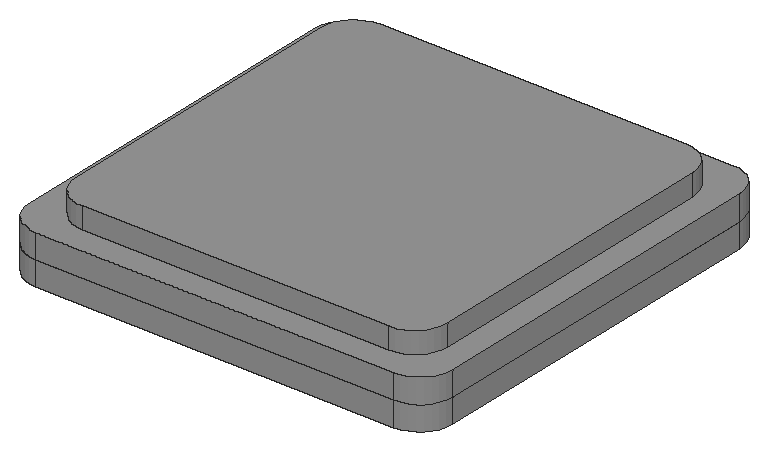
Revit family "FMS2_63_UN_Surface-mounted_ETK", category Lighting Fixtures, Revit 2019 (continued)
Definition of nested family "FMS.2 - Lightsource"
  Types (14, lengths in mm): name | Wattage Comments | Wattage | built-in parameter 1150134 | Photometric Web File | built-in parameter 1150142 | built-in parameter 1150105 | Lumens | built-in parameter 1150107 | built-in parameter 1150106 | Apparent Load
      7.5245\t150.5698\t143.7296\t137.0039\r\n130.3641\t123.8674\t117.4851\t111.2459\t104.9782\t98.7962\t92.7288\t86.7472\t80.8515\t75.013\r\n69.8042\t64.8243\t59.9017\t55.0363\t50.2281\t42.5579\t24.9223\t7.2037\t0\t0\r\n0\r\n985.1004\t984.2418\t983.3832\t982.8108\t982.2384\t981.3798\t980.5212\t979.9488\t979.3764\t978.5178\r\n977.373\t976.2282\t974.7972\t973.3662\t972.5076\t971.3628\t969.6456\t967.9284\t965.925\t963.9216\r\n962.7768\t961.3458\t959.3424\t956.7666\t954.477\t952.1874\t950.184\t947.8944\t945.6048\t943.3152\r\n940.7394\t937.8774\t935.3016\t932.1534\t929.2914\t926.4294\t923.2812\t920.133\t916.9848\t913.8366\r\n910.116\t906.9678\t903.5334\t900.3852\t896.6646\t893.2302\t889.5096\t885.789\t882.0684\t878.3478\r\n874.6272\t870.6204\t866.6136\t862.0344\t857.7414\t852.876\t848.0106\t843.4314\t838.566\t833.1282\r\n827.6904\t822.2526\t816.8148\t811.6632\t806.7978\t801.6462\t796.4946\t791.0568\t785.3328\t779.3226\r\n773.5986\t768.1608\t762.723\t757.2852\t751.5612\t745.8372\t739.827\t734.103\t728.0928\t722.0826\r\n716.0724\t710.0622\t704.052\t697.7556\t691.7454\t685.449\t679.4388\t673.1424\t666.5598\t660.2634\r\n653.967\t647.6706\t641.3742\t635.0778\t628.4952\t621.3402\t613.899\t606.4578\t599.3028\t592.1478\r\n584.9928\t577.8378\t570.3966\t562.9554\t555.5142\t548.073\t540.6318\t533.4768\t526.0356\t518.5944\r\n511.1532\t503.712\t496.2708\t489.1158\t481.6746\t474.2334\t466.7922\t459.351\t451.9098\t444.1824\r\n436.1688\t428.4414\t420.4278\t412.128\t404.1144\t396.387\t388.6596\t380.646\t372.6324\t364.905\r\n357.1776\t349.4502\t342.009\t333.9954\t326.5542\t318.8268\t310.8132\t302.5134\t294.4998\t286.2\r\n278.3581\t270.2873\t262.2737\t254.2887\t246.4754\t238.7194\t231.0779\t223.3791\t215.7376\t208.0102\r\n200.4831\t193.0705\t185.7438\t178.5029\t171.3479\t164.2502\t157.2669\t150.3695\t143.5579\t136.775\r\n130.0779\t123.4381\t116.8841\t110.416\t104.0051\t97.6801\t91.5554\t86.089\t80.6512\t75.2706\r\n69.9473\t64.6526\t59.4151\t54.1777\t39.7818\t24.3327\t8.8636\t0\t0\t0\r\n0\r\n985.1004\t984.2418\t983.3832\t982.5246\t981.9522\t981.3798\t980.235\t979.3764\t978.804\t977.9454\r\n976.8006\t975.6558\t974.2248\t972.7938\t971.649\t970.5042\t969.0732\t967.356\t965.6388\t963.6354\r\n961.9182\t960.4872\t959.0562\t956.7666\t954.1908\t951.9012\t949.8978\t947.6082\t945.3186\t943.029\r\n940.7394\t938.4498\t935.5878\t933.012\t929.8638\t927.0018\t923.8536\t920.9916\t917.8434\t914.6952\r\n911.547\t908.1126\t904.9644\t901.53\t898.3818\t895.2336\t891.2268\t886.9338\t882.3546\t878.0616\r\n873.7686\t869.4756\t864.8964\t860.3172\t855.738\t850.5864\t845.721\t840.8556\t835.9902\t831.1248\r\n826.2594\t821.1078\t815.9562\t810.8046\t805.3668\t800.2152\t795.0636\t790.1982\t785.0466\t779.895\r\n774.4572\t768.7332\t763.0092\t757.5714\t752.1336\t746.6958\t741.258\t735.534\t730.0962\t724.6584\r\n718.9344\t713.2104\t706.6278\t699.759\t693.1764\t686.5938\t679.725\t673.1424\t666.2736\t659.4048\r\n652.536\t645.6672\t638.5122\t631.6434\t624.7746\t617.9058\t611.037\t604.1682\t597.2994\t590.4306\r\n583.5618\t576.4068\t569.2518\t562.0968\t555.228\t548.073\t540.918\t534.0492\t526.8942\t519.1668\r\n511.4394\t503.712\t495.9846\t488.2572\t480.816\t473.0886\t465.3612\t457.6338\t450.1926\t442.7514\r\n435.024\t427.5828\t420.1416\t412.4142\t404.6868\t397.2456\t389.8044\t382.077\t373.7772\t365.7636\r\n357.4638\t349.164\t340.8642\t332.8506\t324.837\t316.8234\t308.8098\t300.7962\t293.0688\t285.1124\r\n277.2706\t269.4287\t261.3865\t253.5446\t245.7886\t238.0898\t230.4196\t222.8067\t215.251\t207.7812\r\n200.3686\t193.0705\t185.7724\t178.5316\t171.2621\t164.0785\t156.9521\t149.9116\t142.8997\t135.945\r\n129.1048\t122.2933\t115.5676\t109.2998\t103.4899\t97.7373\t92.0133\t86.3465\t80.6798\t75.0989\r\n69.518\t63.9657\t53.8628\t39.5815\t25.2715\t10.9586\t0\t0\t0\t0\r\n0\r\n985.1004\t984.2418\t983.097\t982.5246\t981.666\t981.0936\t979.9488\t979.0902\t978.2316\t977.6592\r\n976.5144\t975.3696\t973.9386\t972.5076\t971.0766\t969.9318\t968.787\t967.0698\t965.3526\t963.6354\r\n961.632\t959.9148\t958.4838\t957.0528\t954.7632\t952.1874\t949.8978\t947.8944\t945.6048\t943.3152\r\n941.0256\t938.736\t936.7326\t934.1568\t931.2948\t928.719\t925.5708\t922.4226\t919.5606\t916.4124\r\n912.4056\t908.685\t904.6782\t900.6714\t896.6646\t892.6578\t888.651\t884.6442\t880.3512\t876.3444\r\n871.7652\t867.4722\t862.893\t858.6\t854.307\t849.7278\t845.1486\t840.2832\t835.704\t830.8386\r\n825.9732\t821.1078\t816.2424\t811.6632\t806.5116\t801.6462\t796.4946\t791.343\t786.1914\t781.326\r\n776.4606\t771.309\t766.4436\t760.4334\t753.8508\t747.5544\t741.258\t734.9616\t728.6652\t722.3688\r\n716.0724\t709.776\t703.4796\t697.1832\t690.6006\t684.3042\t677.7216\t671.139\t664.8426\t658.26\r\n651.6774\t645.0948\t638.5122\t631.9296\t625.347\t618.7644\t612.1818\t605.313\t598.158\t591.003\r\n583.848\t576.693\t569.538\t562.0968\t554.9418\t547.5006\t540.0594\t532.6182\t525.177\t517.7358\r\n510.2946\t503.1396\t495.9846\t488.5434\t481.1022\t473.9472\t466.506\t459.351\t452.196\t444.1824\r\n436.1688\t427.869\t419.8554\t411.5556\t403.542\t395.5284\t387.5148\t379.5012\t371.7738\t363.7602\r\n356.0328\t348.0192\t340.2918\t332.5644\t324.837\t316.8234\t308.8098\t300.51\t292.4964\t284.6545\r\n276.7554\t268.9421\t261.1575\t253.4301\t245.7599\t238.1184\t230.5341\t223.007\t215.5086\t207.9243\r\n200.3686\t192.8988\t185.429\t178.045\t170.6897\t163.3916\t156.1221\t148.9385\t141.8121\t134.7143\r\n128.2462\t122.1502\t116.0827\t110.0439\t104.0337\t98.0521\t92.1278\t86.2034\t80.3363\t74.4692\r\n68.0297\t54.4066\t40.7835\t27.1575\t13.5172\t0\t0\t0\t0\t0\r\n0\r\n985.1004\t983.9556\t983.097\t982.2384\t981.666\t980.8074\t979.6626\t978.804\t977.9454\t977.0868\r\n976.2282\t975.0834\t973.9386\t972.5076\t970.7904\t969.3594\t968.2146\t966.7836\t965.3526\t963.6354\r\n961.9182\t959.9148\t958.1976\t956.7666\t955.0494\t953.046\t950.7564\t948.4668\t946.1772\t944.1738\r\n941.8842\t939.5946\t937.305\t935.3016\t933.012\t929.8638\t926.1432\t922.4226\t918.4158\t914.409\r\n910.6884\t906.6816\t902.961\t899.2404\t895.5198\t891.513\t887.5062\t883.2132\t879.4926\t875.4858\r\n871.1928\t867.186\t862.893\t858.3138\t854.0208\t849.7278\t845.4348\t841.1418\t836.2764\t831.6972\r\n827.118\t822.5388\t818.2458\t813.6666\t809.0874\t804.222\t798.2118\t792.4878\t786.4776\t780.7536\r\n775.0296\t769.0194\t763.0092\t756.999\t751.275\t745.2648\t739.2546\t733.5306\t727.5204\t721.224\r\n714.9276\t708.6312\t702.621\t696.3246\t690.3144\t684.3042\t678.0078\t671.7114\t665.415\t659.1186\r\n653.1084\t646.2396\t639.3708\t632.502\t625.347\t618.192\t611.037\t603.882\t596.727\t589.8582\r\n582.7032\t575.5482\t568.3932\t561.5244\t554.3694\t547.2144\t540.3456\t533.1906\t526.3218\t519.1668\r\n512.0118\t505.143\t497.4156\t489.402\t481.3884\t473.661\t465.6474\t457.6338\t449.6202\t441.8928\r\n433.8792\t426.1518\t418.4244\t410.697\t402.6834\t394.956\t387.2286\t379.5012\t371.7738\t364.0464\r\n356.0328\t348.0192\t340.0056\t331.992\t323.9784\t315.9648\t307.9512\t300.2238\t292.2102\t284.4828\r\n276.784\t269.1139\t261.4723\t253.8594\t246.1034\t238.2901\t230.5055\t222.7781\t215.1079\t207.4378\r\n199.7962\t192.2119\t184.6849\t177.1864\t169.7452\t162.3326\t154.9487\t148.1371\t141.7262\t135.3726\r\n129.0476\t122.7512\t116.4834\t110.2442\t104.0623\t97.8804\t91.6985\t85.5738\t79.4491\t69.4321\r\n56.2097\t43.0159\t29.7934\t16.5824\t3.3629\t0\t0\t0\t0\t0\r\n0\r\n985.1004\t983.9556\t983.097\t982.2384\t981.3798\t980.5212\t979.6626\t978.5178\t977.6592\t976.8006\r\n975.6558\t974.7972\t973.6524\t972.5076\t971.0766\t969.3594\t967.9284\t966.4974\t965.0664\t963.6354\r\n961.9182\t960.4872\t958.77\t956.7666\t955.3356\t953.6184\t951.9012\t949.8978\t947.6082\t945.3186\r\n943.029\t940.7394\t937.5912\t934.1568\t930.7224\t927.5742\t924.426\t921.2778\t917.5572\t913.8366\r\n910.116\t906.1092\t902.1024\t898.0956\t894.375\t890.6544\t887.22\t883.4994\t879.7788\t875.4858\r\n871.479\t867.4722\t863.4654\t859.7448\t855.4518\t851.1588\t847.152\t842.5728\t838.2798\t833.9868\r\n828.549\t823.3974\t817.9596\t812.2356\t806.5116\t801.0738\t795.636\t790.1982\t784.4742\t779.0364\r\n773.3124\t767.5884\t761.8644\t756.1404\t750.7026\t744.9786\t739.2546\t733.2444\t727.5204\t721.5102\r\n715.7862\t709.776\t704.052\t698.328\t692.604\t685.7352\t678.5802\t671.7114\t664.5564\t657.9738\r\n651.105\t644.5224\t637.6536\t630.7848\t623.916\t617.3334\t610.4646\t603.5958\t596.727\t590.1444\r\n583.2756\t576.4068\t569.8242\t562.9554\t556.0866\t549.2178\t541.4904\t533.4768\t526.0356\t518.3082\r\n510.867\t503.1396\t495.126\t487.3986\t479.6712\t471.9438\t464.2164\t456.7752\t449.0478\t441.3204\r\n433.593\t426.1518\t418.7106\t410.9832\t402.9696\t394.956\t386.9424\t378.9288\t371.2014\t363.1878\r\n355.1742\t347.4468\t339.4332\t331.7058\t323.6922\t315.9648\t308.2374\t300.51\t292.7826\t284.998\r\n277.0988\t269.1425\t261.2434\t253.3442\t245.5024\t237.6891\t229.8758\t222.1198\t214.3638\t206.665\r\n198.9662\t191.3247\t183.6832\t176.0989\t168.858\t162.2468\t155.6356\t149.0816\t142.5276\t136.0022\r\n129.5055\t123.0374\t116.5693\t110.1298\t103.7189\t97.308\t90.9257\t84.5721\t72.0652\t59.1003\r\n46.1641\t33.1992\t20.2458\t7.2895\t0\t0\t0\t0\t0\t0\r\n0\r\n985.1004\t983.9556\t983.097\t981.9522\t981.0936\t980.5212\t979.3764\t978.5178\t977.373\t976.5144\r\n975.3696\t974.511\t973.3662\t972.2214\t971.0766\t969.6456\t968.2146\t966.4974\t965.0664\t963.6354\r\n962.2044\t960.7734\t959.0562\t957.6252\t955.908\t954.1908\t952.4736\t951.0426\t949.3254\t946.1772\r\n942.7428\t939.3084\t936.1602\t932.7258\t929.5776\t926.1432\t922.995\t919.5606\t916.4124\t912.978\r\n909.8298\t906.1092\t902.6748\t898.9542\t894.9474\t890.9406\t886.9338\t883.4994\t879.7788\t876.0582\r\n872.6238\t869.1894\t865.4688\t861.462\t857.4552\t852.5898\t847.7244\t842.5728\t837.4212\t831.9834\r\n826.8318\t821.394\t815.9562\t810.5184\t805.0806\t799.929\t794.7774\t789.6258\t784.188\t778.7502\r\n773.3124\t767.8746\t762.1506\t756.7128\t750.9888\t745.551\t740.1132\t734.6754\t729.2376\t723.2274\r\n716.6448\t710.0622\t703.7658\t697.1832\t690.6006\t683.7318\t677.1492\t670.5666\t663.984\t657.4014\r\n651.105\t644.5224\t637.9398\t631.6434\t624.7746\t618.192\t611.3232\t604.4544\t597.8718\t591.5754\r\n584.7066\t577.2654\t569.538\t562.0968\t554.6556\t547.2144\t539.487\t532.0458\t524.6046\t517.1634\r\n509.436\t501.9948\t494.2674\t486.8262\t479.385\t471.9438\t464.5026\t457.0614\t449.6202\t442.179\r\n434.1654\t426.1518\t418.1382\t410.4108\t402.3972\t394.6698\t386.6562\t378.9288\t370.9152\t363.1878\r\n355.1742\t347.4468\t339.7194\t331.992\t324.2646\t316.5372\t308.5236\t300.51\t292.4964\t284.54\r\n276.5837\t268.6273\t260.7282\t252.8005\t244.9013\t237.0308\t229.1603\t221.3471\t213.5624\t205.7778\r\n198.0504\t190.323\t183.397\t176.5854\t169.8311\t163.0768\t156.3224\t149.6254\t142.9283\t136.2312\r\n129.5627\t122.9229\t116.2831\t109.6432\t103.0606\t96.4494\t88.5503\t75.7571\t62.964\t50.1709\r\n37.3491\t24.5674\t11.7714\t0\t0\t0\t0\t0\t0\t0\r\n0\r\n985.1004\t983.9556\t982.8108\t981.9522\t981.0936\t980.235\t979.3764\t978.2316\t977.0868\t976.2282\r\n975.0834\t974.2248\t973.08\t971.9352\t970.7904\t969.9318\t968.5008\t967.0698\t965.6388\t963.9216\r\n962.4906\t961.0596\t959.6286\t957.9114\t956.4804\t955.0494\t953.3322\t950.4702\t947.6082\t944.7462\r\n941.598\t938.736\t935.5878\t932.1534\t929.0052\t925.5708\t922.4226\t918.9882\t915.84\t912.4056\r\n909.2574\t905.823\t902.6748\t899.2404\t895.806\t892.3716\t888.9372\t885.2166\t881.7822\t877.7754\r\n873.7686\t869.7618\t864.8964\t860.031\t855.4518\t850.5864\t846.0072\t841.1418\t835.9902\t830.8386\r\n825.687\t820.2492\t815.3838\t810.2322\t805.3668\t799.929\t794.7774\t789.3396\t784.188\t778.7502\r\n773.5986\t768.447\t763.2954\t758.1438\t752.9922\t746.982\t740.6856\t734.3892\t728.0928\t721.7964\r\n715.2138\t708.6312\t702.3348\t695.7522\t689.4558\t683.1594\t676.863\t670.5666\t664.2702\t657.6876\r\n651.3912\t645.0948\t638.7984\t632.502\t626.2056\t619.623\t612.468\t604.7406\t597.2994\t590.1444\r\n582.7032\t575.5482\t568.3932\t560.952\t553.797\t546.3558\t539.2008\t531.7596\t524.3184\t516.8772\r\n509.436\t501.9948\t494.8398\t487.6848\t480.2436\t472.8024\t464.7888\t457.0614\t449.0478\t441.0342\r\n433.3068\t425.2932\t417.5658\t409.8384\t402.111\t394.3836\t386.6562\t378.9288\t370.9152\t363.1878\r\n355.4604\t347.733\t340.0056\t331.992\t323.9784\t315.9648\t307.9512\t299.9376\t291.924\t283.9104\r\n275.9254\t267.9691\t260.0127\t252.085\t244.1572\t236.2581\t228.3876\t220.5171\t212.6752\t204.9764\r\n198.0504\t191.0957\t184.1983\t177.2723\t170.4035\t163.5061\t156.6373\t149.7685\t142.9283\t136.1167\r\n129.3052\t122.5222\t115.7393\t108.9563\t102.202\t93.1295\t80.4222\t67.7435\t55.0363\t42.329\r\n29.6217\t16.9144\t4.2129\t0\t0\t0\t0\t0\t0\t0\r\n0\r\n985.1004\t983.9556\t982.8108\t981.9522\t980.8074\t979.9488\t979.0902\t978.2316\t977.0868\t976.2282\r\n975.0834\t973.9386\t973.08\t971.9352\t970.7904\t969.6456\t968.5008\t967.6422\t966.2112\t964.7802\r\n963.3492\t961.632\t960.201\t958.77\t957.339\t954.7632\t951.9012\t949.3254\t946.4634\t943.6014\r\n940.4532\t937.5912\t934.7292\t931.581\t928.719\t925.5708\t922.4226\t919.2744\t916.1262\t912.978\r\n909.5436\t906.3954\t902.961\t899.8128\t896.3784\t893.2302\t890.082\t886.6476\t883.2132\t878.3478\r\n873.4824\t868.9032\t864.0378\t859.4586\t854.5932\t849.4416\t844.5762\t839.4246\t834.5592\t829.6938\r\n824.8284\t820.2492\t815.3838\t810.5184\t805.653\t800.7876\t795.636\t790.4844\t785.3328\t780.4674\r\n775.3158\t769.5918\t763.5816\t757.5714\t751.275\t744.9786\t738.9684\t732.672\t726.3756\t720.3654\r\n714.069\t707.7726\t701.7624\t695.7522\t689.4558\t683.4456\t677.1492\t671.139\t665.1288\t659.1186\r\n652.8222\t646.812\t639.9432\t632.502\t625.347\t617.9058\t610.7508\t603.5958\t596.4408\t589.2858\r\n582.1308\t574.9758\t567.8208\t560.6658\t553.5108\t546.3558\t539.2008\t532.0458\t524.6046\t517.4496\r\n510.2946\t502.8534\t495.126\t487.1124\t479.385\t471.3714\t463.644\t455.9166\t448.1892\t440.4618\r\n432.7344\t425.007\t417.2796\t409.5522\t401.8248\t394.0974\t386.37\t378.6426\t370.9152\t363.1878\r\n355.4604\t347.4468\t339.4332\t331.4196\t323.406\t315.3924\t307.3788\t299.3652\t291.3516\t283.338\r\n275.353\t267.3967\t259.4403\t251.5126\t243.5562\t235.6571\t227.7293\t220.0306\t212.99\t205.9495\r\n198.909\t191.8971\t184.9138\t177.9019\t170.9186\t163.964\t156.9807\t150.026\t143.1\t136.1453\r\n129.2193\t122.3219\t115.3958\t108.4984\t99.0824\t86.3752\t73.6679\t60.9606\t48.2819\t35.5747\r\n22.8788\t10.1801\t0\t0\t0\t0\t0\t0\t0\t0\r\n0\r\n985.1004\t983.9556\t982.8108\t981.9522\t980.8074\t979.9488\t979.0902\t977.9454\t977.0868\t975.942\r\n975.0834\t973.9386\t973.08\t971.9352\t970.7904\t969.6456\t968.5008\t967.356\t966.4974\t965.3526\r\n964.2078\t963.063\t961.3458\t959.9148\t957.0528\t954.1908\t951.3288\t948.4668\t945.6048\t942.7428\r\n939.8808\t937.0188\t934.1568\t931.2948\t928.1466\t925.2846\t922.1364\t919.2744\t916.1262\t913.2642\r\n910.116\t907.254\t904.1058\t900.9576\t898.0956\t894.9474\t891.2268\t886.3614\t881.496\t876.9168\r\n872.3376\t867.7584\t862.893\t858.3138\t853.7346\t848.8692\t844.0038\t839.4246\t834.8454\t829.98\r\n825.4008\t820.8216\t816.2424\t811.377\t806.5116\t801.6462\t796.4946\t791.6292\t786.1914\t780.1812\r\n774.4572\t768.447\t762.4368\t756.4266\t750.4164\t744.4062\t738.6822\t732.3858\t726.3756\t720.3654\r\n714.3552\t708.345\t702.3348\t696.3246\t690.3144\t684.3042\t678.294\t672.2838\t666.2736\t659.4048\r\n652.2498\t645.381\t638.226\t631.071\t623.916\t616.761\t609.8922\t602.7372\t595.8684\t588.7134\r\n581.5584\t574.6896\t567.8208\t560.6658\t553.5108\t546.642\t539.487\t532.332\t525.177\t517.4496\r\n509.7222\t501.9948\t494.2674\t486.54\t478.8126\t471.0852\t463.3578\t455.6304\t448.1892\t440.4618\r\n432.7344\t425.007\t417.5658\t409.8384\t402.111\t394.6698\t386.9424\t379.215\t371.2014\t363.1878\r\n355.1742\t347.1606\t338.8608\t330.8472\t322.8336\t314.82\t306.8064\t298.7928\t290.7792\t282.737\r\n274.7806\t266.8243\t258.8965\t250.9402\t243.0124\t235.1133\t227.9583\t220.8033\t213.6769\t206.5505\r\n199.4528\t192.355\t185.2573\t178.1595\t171.0617\t163.9926\t156.9235\t149.8543\t142.8138\t135.7733\r\n128.7328\t121.6922\t114.6517\t105.5792\t92.9005\t80.2219\t67.5718\t54.8932\t42.2145\t29.5645\r\n16.8972\t4.2329\t0\t0\t0\t0\t0\t0\t0\t0\r\n0\r\n985.1004\t983.9556\t982.8108\t981.9522\t980.8074\t979.9488\t978.804\t977.9454\t977.0868\t975.942\r\n975.0834\t973.9386\t973.08\t971.9352\t971.0766\t969.9318\t968.787\t967.6422\t966.4974\t965.3526\r\n964.2078\t963.3492\t962.2044\t959.6286\t957.0528\t954.1908\t951.3288\t948.1806\t945.3186\t942.4566\r\n939.5946\t936.7326\t933.8706\t931.0086\t928.1466\t925.2846\t922.4226\t919.5606\t916.6986\t913.8366\r\n910.6884\t907.8264\t904.6782\t901.8162\t898.3818\t893.8026\t889.5096\t884.9304\t880.6374\t876.0582\r\n871.479\t866.8998\t862.6068\t857.7414\t853.1622\t848.583\t844.0038\t839.7108\t835.1316\t830.5524\r\n825.9732\t821.1078\t816.5286\t811.6632\t807.084\t802.5048\t796.4946\t790.7706\t785.0466\t779.0364\r\n773.3124\t767.5884\t761.8644\t755.8542\t750.1302\t744.4062\t738.396\t732.3858\t726.3756\t720.3654\r\n714.3552\t708.6312\t702.621\t696.897\t690.8868\t685.1628\t678.8664\t671.9976\t665.1288\t658.26\r\n651.105\t644.2362\t637.3674\t630.4986\t623.6298\t616.761\t609.606\t602.7372\t595.5822\t588.7134\r\n581.5584\t574.6896\t567.8208\t560.6658\t553.797\t546.9282\t539.7732\t532.332\t524.6046\t516.8772\r\n509.1498\t501.7086\t493.9812\t486.2538\t478.8126\t471.0852\t463.644\t455.9166\t448.1892\t440.748\r\n433.0206\t425.5794\t417.852\t410.4108\t402.6834\t395.2422\t386.9424\t378.9288\t370.9152\t362.9016\r\n354.6018\t346.5882\t338.5746\t330.561\t322.5474\t314.5338\t306.5202\t298.5066\t290.493\t282.5366\r\n274.5517\t266.5667\t258.6103\t250.6253\t243.0697\t235.8288\t228.6452\t221.4329\t214.2493\t207.0371\r\n199.8535\t192.6698\t185.5148\t178.3312\t171.1762\t163.9926\t156.8376\t149.7112\t142.5562\t135.4012\r\n128.2748\t121.1198\t113.1062\t100.4562\t87.7775\t75.1275\t62.4488\t49.7988\t37.1201\t24.473\r\n11.8115\t0\t0\t0\t0\t0\t0\t0\t0\t0\r\n0\r\n985.1004\t983.9556\t982.8108\t981.9522\t980.8074\t979.9488\t978.804\t977.9454\t977.0868\t975.942\r\n975.0834\t973.9386\t973.08\t971.9352\t971.0766\t969.9318\t969.0732\t967.9284\t967.0698\t965.925\r\n964.7802\t963.6354\t961.3458\t958.4838\t955.908\t953.3322\t950.4702\t947
